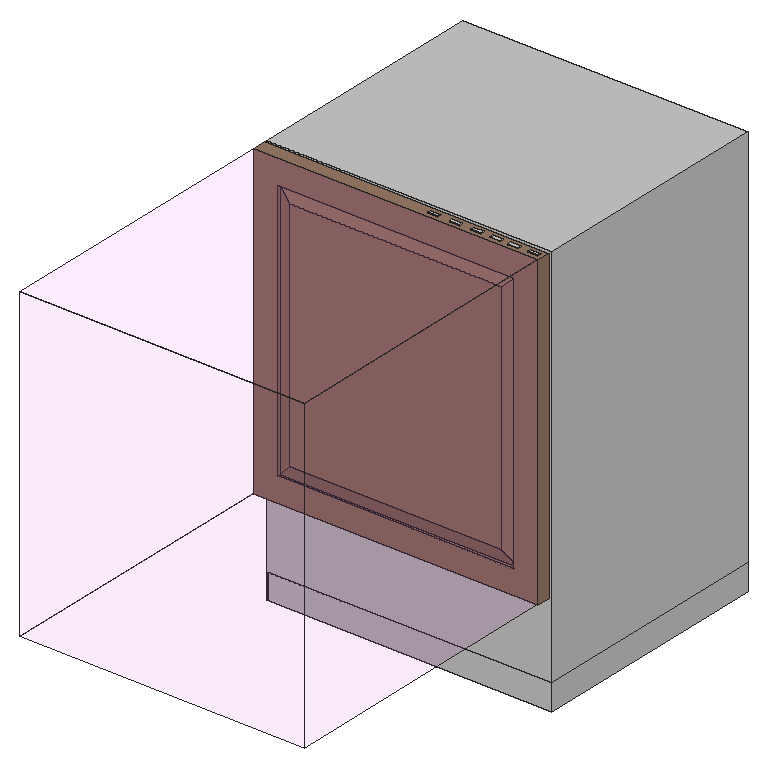
Revit family "QF_Summit_DW245NTADA_Dishwasher", category Specialty Equipment, Revit 2020
Family settings
  Round Connector Dimension = Use Diameter
  Part Type = Normal
  Work Plane-Based = No
  Always vertical = Yes
  Cut with Voids When Loaded = No
  Shared = No
  Room Calculation Point = No
Parameters
  Weight in Pounds = 95
  Watts = if(Phase = 3, Volts * FL Amps * 1.73, Volts * FL Amps)  # 1380 W
  Waste Water Discharge Temperature = -459.67 °F
  Volts = 115 V
  URL Cutsheet = ""
  Specification by User = ""
  Specification by Manufacturer = ""
  Show Legs [instance] = yes
  Show Door Clearance [instance] = yes
  Show Default Legs [instance] = not(Show Legs)  # no
  Serial Number = ""
  Seismic Rating = ""
  SMACNA No = ""
  Revision Code = ""
  Plumbing Remarks = ""
  Plumbing Connection Type = ""
  Phase = 1
  Number of Poles = 1
  NAFEM Spec ID Number = ""
  Model = "DW245NTADA"
  Min Ckt Ampacity = 0 A
  Max Overcurrent Protection = 0 A
  Masterspec = ""
  Manufacturer = "Summit"
  Length = 23 1/2"
  Item Number = ""
  Installed By = ""
  Indirect Waste Size = 1/2"
  Indirect Waste Flow = 0 GPM
  Indirect Waste Connection Type = ""
  Indirect Waste Connection Height = 0"
  Identify Quantity as Lot = yes
  Height [instance] = if(Show Default Legs, 32 1/8", 34")  # 34"
  HP = ""
  Furnished By = ""
  Foodservice Equipment Identifier = yes
  FL Amps = 12 A
  Electrical Remarks = ""
  Electric Connection Type = ""
  Elec Conn RI Height = 0"
  Elec Conn Connection Height = 0"
  Description = "Dishwasher"
  Depth = 21 5/8"
  Default Elevation = 0"
  Cycle = 60 Hz
  Conn Plug = ""
  Conn Conduit = yes
  Cold Water Temperature Recommended = -459.67 °F
  Cold Water Size = 1/2"
  Cold Water RI Height = 0"
  Cold Water Minimum Pressure = 0.00 psi
  Cold Water Maximum Pressure = 0.00 psi
  Cold Water Flow = 0 GPM
  Cold Water Consumption = ""
  Cold Water Connection Height = 0"
  CSI MasterFormat = ""
  Apparent Power = if(Phase = 3, Volts * FL Amps * 1.73, Volts * FL Amps)  # 1380 VA
Reference planes (in)
  plane 1 "BACK": y = 0
  plane 2: z = 0
  plane 3 "LEFT": x = 0
  plane 4 "RIGHT": x = 23.5
  plane 5 "FRONT": y = -21.625
  plane 6 "TOP": z = 34
  plane 7 "Center Y": x = 11.75
  plane 8 "Center X": y = -10.8125
  plane 9: y = -20.25
  plane 10: y = -45.75
  plane 11: z = 1.875
  plane 12: z = 2.125
  plane 13: z = 8.5
Forms (in)
  Revolve 1, solid, material "QF_Metal_Stainless_Polished", visible <- "Show Default Legs"
    sketch origin (0, -2, 0) x (1, 0, 0) y (0, 0, 1)
      loop
        line (1.73437, 0) -> (1.73437, 2.125) -> (1.1733, 2.125) -> (1.1733, 0.125) -> (1, 0.125) -> (1, 0) -> (1.73437, 0)
      axis (1.73437, 2.125) -> (1.73437, 0)
    angle from 0 to 360
  Revolve 2, solid, material "QF_Metal_Stainless_Polished", visible <- "Show Default Legs"
    sketch origin (0, -18.25, 0) x (1, 0, 0) y (0, 0, 1)
      loop
        line (1.73437, 0) -> (1.73437, 2.125) -> (1.1733, 2.125) -> (1.1733, 0.125) -> (1, 0.125) -> (1, 0) -> (1.73437, 0)
      axis (1.73437, 2.125) -> (1.73437, 0)
    angle from 0 to 360
  Revolve 3, solid, material "QF_Metal_Stainless_Polished", visible <- "Show Default Legs"
    sketch origin (17.5, -2, 0) x (-1, 0, 0) y (0, 0, -1)
      loop
        line (-4.26563, 0) -> (-5, 0) -> (-5, -0.125) -> (-4.8267, -0.125) -> (-4.8267, -2.125) -> (-4.26563, -2.125) -> (-4.26563, 0)
      axis (-4.26563, -2.125) -> (-4.26563, 0)
    angle from 0 to 360
  Revolve 4, solid, material "QF_Metal_Stainless_Polished", visible <- "Show Default Legs"
    sketch origin (17.5, -18.25, 0) x (-1, 0, 0) y (0, 0, -1)
      loop
        line (-4.26563, 0) -> (-5, 0) -> (-5, -0.125) -> (-4.8267, -0.125) -> (-4.8267, -2.125) -> (-4.26563, -2.125) -> (-4.26563, 0)
      axis (-4.26563, -2.125) -> (-4.26563, 0)
    angle from 0 to 360
  Extrusion 5, solid, material "QF_Metal_Stainless_Polished", visible <- "Show Legs"
    sketch origin (0, 0, 0) x (1, 0, 0) y (0, 1, 0)
      loop
        line (0, 0) -> (0, -20.25) -> (23.5, -20.25) -> (23.5, 0) -> (0, 0)
      loop
        line (0.0625, -20.1875) -> (23.4375, -20.1875) -> (23.4375, -0.0625) -> (0.0625, -0.0625) -> (0.0625, -20.1875)
    from 0 to 2.125
  Revolve 6, solid, material "QF_Metal_Stainless_Polished", visible <- "Show Default Legs"
    sketch origin (10.01563, -2, 0) x (1, 0, 0) y (0, 0, 1)
      loop
        line (1.73437, 0) -> (1.73437, 2.125) -> (1.1733, 2.125) -> (1.1733, 0.125) -> (1, 0.125) -> (1, 0) -> (1.73437, 0)
      axis (1.73437, 2.125) -> (1.73437, 0)
    angle from 0 to 360
  Revolve 7, solid, material "QF_Metal_Stainless_Polished", visible <- "Show Default Legs"
    sketch origin (10.01563, -18.25, 0) x (1, 0, 0) y (0, 0, 1)
      loop
        line (1.73437, 0) -> (1.73437, 2.125) -> (1.1733, 2.125) -> (1.1733, 0.125) -> (1, 0.125) -> (1, 0) -> (1.73437, 0)
      axis (1.73437, 2.125) -> (1.73437, 0)
    angle from 0 to 360
  Revolve 8, solid, material "QF_Metal_Stainless_Polished", visible <- "Show Legs"
    sketch origin (0, -2, 0) x (1, 0, 0) y (0, 0, 1)
      loop
        line (1, 0) -> (1.73437, 0) -> (1.73437, 2.125) -> (1.1733, 2.125) -> (1.1733, 0.25) -> (1, 0.25) -> (1, 0)
      axis (1.73437, 0) -> (1.73437, 2.125)
    angle from 0 to 360
  Revolve 9, solid, material "QF_Metal_Stainless_Polished", visible <- "Show Legs"
    sketch origin (0, -18.25, 0) x (1, 0, 0) y (0, 0, 1)
      loop
        line (1, 0) -> (1.73437, 0) -> (1.73437, 2.125) -> (1.1733, 2.125) -> (1.1733, 0.25) -> (1, 0.25) -> (1, 0)
      axis (1.73437, 0) -> (1.73437, 2.125)
    angle from 0 to 360
  Revolve 10, solid, material "QF_Metal_Stainless_Polished", visible <- "Show Legs"
    sketch origin (10.01562, -2, 0) x (1, 0, 0) y (0, 0, 1)
      loop
        line (1, 0) -> (1.73437, 0) -> (1.73437, 2.125) -> (1.1733, 2.125) -> (1.1733, 0.25) -> (1, 0.25) -> (1, 0)
      axis (1.73437, 2.125) -> (1.73437, 0)
    angle from 0 to 360
  Revolve 11, solid, material "QF_Metal_Stainless_Polished", visible <- "Show Legs"
    sketch origin (10.01562, -18.25, 0) x (1, 0, 0) y (0, 0, 1)
      loop
        line (1, 0) -> (1.73437, 0) -> (1.73437, 2.125) -> (1.1733, 2.125) -> (1.1733, 0.25) -> (1, 0.25) -> (1, 0)
      axis (1.73437, 2.125) -> (1.73437, 0)
    angle from 0 to 360
  Revolve 12, solid, material "QF_Metal_Stainless_Polished", visible <- "Show Legs"
    sketch origin (20.03125, -2, 0) x (1, 0, 0) y (0, 0, 1)
      loop
        line (1, 0) -> (1.73437, 0) -> (1.73437, 2.125) -> (1.1733, 2.125) -> (1.1733, 0.25) -> (1, 0.25) -> (1, 0)
      axis (1.73437, 2.125) -> (1.73437, 0)
    angle from 0 to 360
  Revolve 13, solid, material "QF_Metal_Stainless_Polished", visible <- "Show Legs"
    sketch origin (20.03125, -18.25, 0) x (1, 0, 0) y (0, 0, 1)
      loop
        line (1, 0) -> (1.73437, 0) -> (1.73437, 2.125) -> (1.1733, 2.125) -> (1.1733, 0.25) -> (1, 0.25) -> (1, 0)
      axis (1.73437, 2.125) -> (1.73437, 0)
    angle from 0 to 360
Dimensions and locks (in)
  equal spacing: plane 3 "LEFT", plane 7 "Center Y", plane 4 "RIGHT"
  "Length": plane 3 "LEFT" to plane 4 "RIGHT"
  equal spacing: plane 5 "FRONT", plane 8 "Center X", plane 1 "BACK"
  "Depth": plane 5 "FRONT" to plane 1 "BACK"
  "Height": plane 6 "TOP" to level
  plane 9 to plane 1 "BACK" = 20 1/4"
  plane 10 to plane 1 "BACK" = 45 3/4"
  plane 6 "TOP" to plane 11 = 32 1/8"
  plane 6 "TOP" to plane 13 = 25 1/2"
  plane 12 to plane 11 = 1/4"
  plane 4 "RIGHT" to plane 3 "LEFT" = 23 1/2"
  plane 6 "TOP" to plane 12 = 31 7/8"
  Revolve 2 to Revolve 9 sketch curve to Revolve 9 sketch curve = 1 7/8" locked, 1/4" locked
  Revolve 2 to Revolve 8 sketch curve to Revolve 8 sketch curve = 1 7/8" locked, 1/4" locked
  locked: Revolve 11 sketch curve to Revolve 11 sketch curve at 0.25
  locked: Revolve 10 sketch curve to Revolve 10 sketch curve at 0.25
  locked: Revolve 13 sketch curve to Revolve 13 sketch curve at 0.25
  locked: Revolve 12 sketch curve to Revolve 12 sketch curve at 0.25
  locked: Revolve 7 to Revolve 11 sketch curve at 1.875
  locked: Revolve 7 to Revolve 10 sketch curve at 1.875
  locked: Revolve 4 to Revolve 13 sketch curve at 1.875
  locked: Revolve 13 to Revolve 12 sketch curve at 1.875
  aligned and locked: level to plane 2
  aligned and locked: plane 12 to nested 1
Automatic sketch dimensions
  Revolve 1 sketch curve to level = 0"  (x2)
  Revolve 1 sketch curve to plane 12 = 0"
  level to Revolve 1 sketch curve = 1/8"
  plane 3 "LEFT" to Revolve 1 sketch curve = 1"
  Revolve 1 sketch curve to Revolve 1 sketch curve = 0.1733"
  Revolve 1 sketch curve to Revolve 1 sketch curve = 0.56107"
  Revolve 1 sketch curve to Revolve 1 sketch curve = 0"
  Revolve 1 sketch curve to Revolve 1 sketch curve = 1/4"
  Revolve 2 sketch curve to level = 0"  (x2)
  Revolve 2 sketch curve to plane 12 = 0"
  level to Revolve 2 sketch curve = 1/8"
  plane 3 "LEFT" to Revolve 2 sketch curve = 1"
  Revolve 2 sketch curve to Revolve 2 sketch curve = 0.1733"
  Revolve 2 sketch curve to Revolve 2 sketch curve = 0.56107"
  Revolve 2 sketch curve to Revolve 2 sketch curve = 0"
  Revolve 2 sketch curve to Revolve 2 sketch curve = 1/4"
  Revolve 3 sketch curve to level = 0"  (x2)
  Revolve 3 sketch curve to plane 12 = 0"
  level to Revolve 3 sketch curve = 1/8"
  plane 4 "RIGHT" to Revolve 3 sketch curve = 1"
  Revolve 3 sketch curve to Revolve 3 sketch curve = 0.1733"
  Revolve 3 sketch curve to Revolve 3 sketch curve = 0.56107"
  Revolve 3 sketch curve to Revolve 3 sketch curve = 0"
  Revolve 3 sketch curve to Revolve 3 sketch curve = 1/4"
  Revolve 4 sketch curve to level = 0"  (x2)
  Revolve 4 sketch curve to plane 12 = 0"
  level to Revolve 4 sketch curve = 1/8"
  plane 4 "RIGHT" to Revolve 4 sketch curve = 1"
  Revolve 4 sketch curve to Revolve 4 sketch curve = 0.1733"
  Revolve 4 sketch curve to Revolve 4 sketch curve = 0.56107"
  Revolve 4 sketch curve to Revolve 4 sketch curve = 0"
  Revolve 4 sketch curve to Revolve 4 sketch curve = 1/4"
  Extrusion 5 sketch curve to plane 3 "LEFT" = 0"
  Extrusion 5 sketch curve to plane 4 "RIGHT" = 0"
  Extrusion 5 sketch curve to plane 9 = 0"
  plane 1 "BACK" to Extrusion 5 sketch curve = 0"
  plane 3 "LEFT" to Extrusion 5 sketch curve = 1/16"
  plane 4 "RIGHT" to Extrusion 5 sketch curve = 1/16"
  plane 9 to Extrusion 5 sketch curve = 1/16"
  plane 1 "BACK" to Extrusion 5 sketch curve = 1/16"
  Revolve 6 sketch curve to level = 0"  (x2)
  Revolve 6 sketch curve to plane 12 = 0"
  Revolve 6 sketch curve to plane 7 "Center Y" = 0"  (x2)
  Revolve 6 sketch curve to Revolve 6 sketch curve = 0.56107"
  Revolve 6 sketch curve to Revolve 6 sketch curve = 0.1733"
  level to Revolve 6 sketch curve = 1/8"
  Revolve 6 sketch curve to Revolve 6 sketch curve = 1/4"
  Revolve 7 sketch curve to level = 0"  (x2)
  Revolve 7 sketch curve to plane 12 = 0"
  Revolve 7 sketch curve to plane 7 "Center Y" = 0"  (x2)
  Revolve 7 sketch curve to Revolve 7 sketch curve = 0.56107"
  Revolve 7 sketch curve to Revolve 7 sketch curve = 0.1733"
  level to Revolve 7 sketch curve = 1/8"
  Revolve 7 sketch curve to Revolve 7 sketch curve = 1/4"
  Revolve 8 sketch curve to plane 12 = 0"
  Revolve 8 sketch curve to level = 0"
  plane 3 "LEFT" to Revolve 8 sketch curve = 1"
  plane 3 "LEFT" to Revolve 8 sketch curve = 1.1733"
  Revolve 8 sketch curve to Revolve 8 sketch curve = 0.56107"
  Revolve 8 sketch curve to Revolve 8 sketch curve = 0"
  Revolve 8 sketch curve to Revolve 8 sketch curve = 5/8"
  Revolve 9 sketch curve to plane 12 = 0"
  Revolve 9 sketch curve to level = 0"
  plane 3 "LEFT" to Revolve 9 sketch curve = 1"
  plane 3 "LEFT" to Revolve 9 sketch curve = 1.1733"
  Revolve 9 sketch curve to Revolve 9 sketch curve = 0.56107"
  Revolve 9 sketch curve to Revolve 9 sketch curve = 0"
  Revolve 9 sketch curve to Revolve 9 sketch curve = 5/8"
  Revolve 10 sketch curve to plane 12 = 0"
  Revolve 10 sketch curve to plane 7 "Center Y" = 0"  (x2)
  Revolve 10 sketch curve to level = 0"
  Revolve 10 sketch curve to plane 7 "Center Y" = 0.56107"
  Revolve 10 sketch curve to Revolve 10 sketch curve = 0.1733"
  Revolve 10 sketch curve to Revolve 10 sketch curve = 1 1/4"
  Revolve 11 sketch curve to plane 12 = 0"
  Revolve 11 sketch curve to plane 7 "Center Y" = 0"  (x2)
  Revolve 11 sketch curve to level = 0"
  Revolve 11 sketch curve to plane 7 "Center Y" = 0.56107"
  Revolve 11 sketch curve to Revolve 11 sketch curve = 0.1733"
  Revolve 11 sketch curve to Revolve 11 sketch curve = 1 1/4"
  Revolve 12 sketch curve to plane 12 = 0"
  Revolve 12 sketch curve to level = 0"
  plane 4 "RIGHT" to Revolve 12 sketch curve = 2 15/32"
  Revolve 12 sketch curve to Revolve 12 sketch curve = 0.1733"
  Revolve 12 sketch curve to Revolve 12 sketch curve = 0.56107"
  Revolve 12 sketch curve to Revolve 12 sketch curve = 0"
  Revolve 12 sketch curve to Revolve 12 sketch curve = 1 1/4"
  Revolve 13 sketch curve to plane 12 = 0"
  Revolve 13 sketch curve to level = 0"
  plane 4 "RIGHT" to Revolve 13 sketch curve = 2 15/32"
  Revolve 13 sketch curve to Revolve 13 sketch curve = 0.1733"
  Revolve 13 sketch curve to Revolve 13 sketch curve = 0.56107"
  Revolve 13 sketch curve to Revolve 13 sketch curve = 0"
  Revolve 13 sketch curve to Revolve 13 sketch curve = 1 1/4"
Nested families (in)
  nested 1: "DW245NTADA" at (0, 0, 0), Show Door Clearance <- "Show Door Clearance", type "DW245NTADA"
    with Show Door Clearance yes, Height 34"
Connectors (in)
  piping at (7.03371, 0.25, 5.3125), diameter 0.5, driven by "Cold Water Size"
    settings: on nested 1, index 1, connector inside diameter 24", connector length 0", flow factor 0, pipe flow 0 GPM, pressure drop 0.00 psi, fitting loss kfactor 0, connector angle 0.00°, fixture units 0, engagement length 0", angle of deflection 0.00°, flow configuration 1, flow direction 1, fitting loss method 0, system type 20, joint type 0, gender type 0, connector reference index -1, connector utility 0, adjustable connector no, is connector primary yes, connector description "Water Connection"
  piping at (8.25246, 0.25, 5.3125), diameter 0.5, driven by "Indirect Waste Size"
    settings: on nested 1, index 2, connector inside diameter 24", connector length 0", flow factor 0, pipe flow 0 GPM, pressure drop 0.00 psi, fitting loss kfactor 0, connector angle 0.00°, fixture units 0, engagement length 0", angle of deflection 0.00°, flow configuration 1, flow direction 2, fitting loss method 0, system type 16, joint type 0, gender type 0, connector reference index -1, connector utility 0, adjustable connector no, is connector primary no, connector description "Drain Connection"
  electrical at (9.25246, 0.25, 5.3125), driven by "Volts", driven by "Watts"
    settings: on nested 1, index 3, voltage 115 V, apparent load 1380 VA, apparent load phase1 0 VA, apparent load phase2 0 VA, apparent load phase3 0 VA, power factor 1, load classification "Other", number of poles 1, system type 30, power factor state 1, is connector primary yes, connector utility no, sub classification motor no, connector description "Electrical Connection"
Definition of nested family "DW245NTADA"
  Parameters (values of type "DW245NTADA")
    Weight in Pounds = 0
    Watts = if(Phase = 3, Volts * FL Amps * 1.73, Volts * FL Amps)  # 0 W
    Volts = 0 V
    URL Cutsheet = ""
    Specification by User = ""
    Specification by Manufacturer = ""
    Show Door Clearance [instance] = yes
    Serial Number = ""
    Seismic Rating = ""
    SMACNA No = ""
    Revision Code = ""
    Phase = 0
    Number of Poles = 1
    NAFEM Spec ID Number = ""
    Min Ckt Ampacity = 0 A
    Max Overcurrent Protection = 0 A
    Masterspec = ""
    Length = 23 1/2"
    Item Number = ""
    Installed By = ""
    Identify Quantity as Lot = yes
    Height [instance] = 34"
    HP = ""
    Furnished By = ""
    Foodservice Equipment Identifier = yes
    FL Amps = 0 A
    Electrical Remarks = ""
    Electric Connection Type = ""
    Elec Conn RI Height = 0"
    Elec Conn Connection Height = 0"
    Depth = 21 5/8"
    Default Elevation = 0"
    Cycle = 0 Hz
    Conn Plug = ""
    Conn Conduit = yes
    CSI MasterFormat = ""
    Apparent Power = if(Phase = 3, Volts * FL Amps * 1.73, Volts * FL Amps)  # 0 VA
  Reference planes (in)
    plane 1 "BACK": y = 0
    plane 2: z = 0
    plane 3 "LEFT": x = 0
    plane 4 "RIGHT": x = 23.5
    plane 5 "FRONT": y = -21.625
    plane 6 "TOP": z = 34
    plane 7 "Center Y": x = 11.75
    plane 8 "Center X": y = -10.8125
    plane 9: y = -20.25
    plane 10: y = -45.75
    plane 11: z = 1.875
    plane 12: z = 2.125
    plane 13: z = 8.5
  Forms (in)
    Extrusion 1, solid
      sketch origin (-8.01619, -180, 2.125) x (-1, 0, 0) y (0, -1, 0)
        loop
          line (-8.01619, -180) -> (-8.01619, -159.75) -> (-31.51619, -159.75) -> (-31.51619, -180) -> (-8.01619, -180)
      from 0 to 31.875
    Extrusion 2, solid
      sketch origin (-9.94716, -20.5, 48) x (-1, 0, 0) y (0, 0, 1)
        loop
          line (-10.44716, -14.5) -> (-32.94716, -14.5) -> (-32.94716, -39) -> (-10.44716, -39) -> (-10.44716, -14.5)
      from 0 to 0.25
    Extrusion 3, solid
      sketch origin (3.0625, 0, 1.57349) x (1, 0, 0) y (0, 0, 1)
        loop
          circle (3.97121, 3.73901) r 0.5
      from 0 to -0.25
    Extrusion 4, solid
      sketch origin (1.28125, 0, 1.57349) x (1, 0, 0) y (0, 0, 1)
        loop
          circle (6.97121, 3.73901) r 0.5
      from 0 to -0.25
    Extrusion 5, solid
      sketch origin (2.25, 0, 1.57349) x (1, 0, 0) y (0, 0, 1)
        loop
          circle (7.00246, 3.73901) r 0.34934
      from 0 to -0.25
    Extrusion 6, solid
      sketch origin (0, -22.5, 34) x (1, 0, 0) y (0, 1, 0)
        loop
          line (15.83645, 1.58403) -> (15.83645, 1.29627) -> (16.66145, 1.29627) -> (16.66145, 1.58403) -> (15.83645, 1.58403)
        loop
          line (17.60207, 1.58403) -> (17.60207, 1.29627) -> (18.42707, 1.29627) -> (18.42707, 1.58403) -> (17.60207, 1.58403)
        loop
          line (19.1802, 1.58403) -> (19.1802, 1.29627) -> (20.0052, 1.29627) -> (20.0052, 1.58403) -> (19.1802, 1.58403)
        loop
          line (20.66457, 1.58403) -> (20.66457, 1.29627) -> (21.48957, 1.29627) -> (21.48957, 1.58403) -> (20.66457, 1.58403)
        loop
          line (22.28957, 1.58403) -> (22.28957, 1.29627) -> (23.11457, 1.29627) -> (23.11457, 1.58403) -> (22.28957, 1.58403)
        loop
          line (14.07082, 1.58403) -> (14.07082, 1.29627) -> (14.89582, 1.29627) -> (14.89582, 1.58403) -> (14.07082, 1.58403)
      from 0 to 0.05469
    Extrusion 7, solid, visible <- "Show Door Clearance"
      sketch origin (-8.01619, -180, 5.875) x (-1, 0, 0) y (0, -1, 0)
        loop
          line (-8.01619, -158.375) -> (-8.01619, -134.25) -> (-31.51619, -134.25) -> (-31.51619, -158.375) -> (-8.01619, -158.375)
      from 2.625 to 28.125
    Extrusion 8, solid
      sketch origin (23.625, -21.5, 6.375) x (-1, 0, 0) y (0, 0, 1)
        loop
          line (23.625, 27.625) -> (0.125, 27.625) -> (0.125, 2.125) -> (23.625, 2.125) -> (23.625, 27.625)
        loop
          line (21.625, 4.125) -> (21.625, 25.625) -> (2.125, 25.625) -> (2.125, 4.125) -> (21.625, 4.125)
      from 1 to -0.125
    Blend 9, solid
      base sketch origin (23.625, -21.375, 6.375) x (1, 0, 0) y (0, 0, 1)
        loop
          line (-21.625, 25.625) -> (-21.625, 4.125) -> (-2.125, 4.125) -> (-2.125, 25.625) -> (-21.625, 25.625)
      top sketch origin (23.625, -21.375, 6.375) x (-1, 0, 0) y (0, 0, 1)
        loop
          line (20.625, 5.125) -> (20.625, 24.625) -> (3.125, 24.625) -> (3.125, 5.125) -> (20.625, 5.125)
      from 0 to 0.25
  Lines and regions (in)
    symbolic lines
      curve 1: line (0, 0, 0) -> (0, -20.25, 0)
      curve 2: line (23.5, 0, 0) -> (0, 0, 0)
      curve 3: line (23.5, -20.25, 0) -> (23.5, 0, 0)
      curve 4: line (0, -20.25, 0) -> (23.5, -20.25, 0)
      curve 5: line (23.5, -20.5, 0) -> (0, -20.5, 0)
      curve 6: line (0, -20.5, 0) -> (0, -21.625, 0)
      curve 7: line (0, -21.625, 0) -> (23.5, -21.625, 0)
      curve 8: line (23.5, -21.625, 0) -> (23.5, -20.5, 0)
      curve 9: line (23, -20.5, 0) -> (23, -20.25, 0)
      curve 10: line (0.5, -20.25, 0) -> (0.5, -20.5, 0)
      curve 14: line (14.07082, -20.91597, 0) -> (14.89582, -20.91597, 0)
      curve 15: line (14.07082, -21.20373, 0) -> (14.07082, -20.91597, 0)
      curve 16: line (14.89582, -21.20373, 0) -> (14.07082, -21.20373, 0)
      curve 17: line (14.89582, -20.91597, 0) -> (14.89582, -21.20373, 0)
      curve 18: line (15.83645, -20.91597, 0) -> (16.66145, -20.91597, 0)
      curve 19: line (15.83645, -21.20373, 0) -> (15.83645, -20.91597, 0)
      curve 20: line (16.66145, -21.20373, 0) -> (15.83645, -21.20373, 0)
      curve 21: line (16.66145, -20.91597, 0) -> (16.66145, -21.20373, 0)
      curve 22: line (17.60207, -20.91597, 0) -> (18.42707, -20.91597, 0)
      curve 23: line (17.60207, -21.20373, 0) -> (17.60207, -20.91597, 0)
      curve 24: line (18.42707, -21.20373, 0) -> (17.60207, -21.20373, 0)
      curve 25: line (18.42707, -20.91597, 0) -> (18.42707, -21.20373, 0)
      curve 26: line (19.1802, -20.91597, 0) -> (20.0052, -20.91597, 0)
      curve 27: line (19.1802, -21.20373, 0) -> (19.1802, -20.91597, 0)
      curve 28: line (20.0052, -21.20373, 0) -> (19.1802, -21.20373, 0)
      curve 29: line (20.0052, -20.91597, 0) -> (20.0052, -21.20373, 0)
      curve 30: line (20.66457, -20.91597, 0) -> (21.48957, -20.91597, 0)
      curve 31: line (20.66457, -21.20373, 0) -> (20.66457, -20.91597, 0)
      curve 32: line (21.48957, -21.20373, 0) -> (20.66457, -21.20373, 0)
      curve 33: line (21.48957, -20.91597, 0) -> (21.48957, -21.20373, 0)
      curve 34: line (22.28957, -20.91597, 0) -> (23.11457, -20.91597, 0)
      curve 35: line (22.28957, -21.20373, 0) -> (22.28957, -20.91597, 0)
      curve 36: line (23.11457, -21.20373, 0) -> (22.28957, -21.20373, 0)
      curve 37: line (23.11457, -20.91597, 0) -> (23.11457, -21.20373, 0)
    symbolic lines, visible <- "Show Door Clearance"
      curve 11: line (0, -21.625, 0) -> (0, -45.75, 0)
      curve 12: line (23.5, -45.75, 0) -> (23.5, -21.625, 0)
      curve 13: line (0, -45.75, 0) -> (23.5, -45.75, 0)
  Dimensions and locks (in)
    equal spacing: plane 3 "LEFT", plane 7 "Center Y", plane 4 "RIGHT"
    "Length": plane 3 "LEFT" to plane 4 "RIGHT"
    equal spacing: plane 5 "FRONT", plane 8 "Center X", plane 1 "BACK"
    "Depth": plane 5 "FRONT" to plane 1 "BACK"
    "Height": plane 6 "TOP" to level
    plane 9 to plane 1 "BACK" = 20 1/4"
    plane 10 to plane 1 "BACK" = 45 3/4"
    plane 6 "TOP" to plane 11 = 32 1/8"
    plane 12 to plane 11 = 1/4"
    plane 4 "RIGHT" to plane 3 "LEFT" = 23 1/2"
    plane 6 "TOP" to plane 13 = 25 1/2"
    plane 6 "TOP" to plane 12 = 31 7/8"
    aligned and locked: level to plane 2
  Automatic sketch dimensions
    plane 1 "BACK" to Extrusion 1 sketch curve = 0"
    Extrusion 1 sketch curve to plane 4 "RIGHT" = 0"
    Extrusion 1 sketch curve to plane 3 "LEFT" = 0"
    Extrusion 1 sketch curve to plane 9 = 0"
    plane 12 to Extrusion 3 sketch curve = 3 3/16"
    plane 3 "LEFT" to Extrusion 3 sketch curve = 7.03371"
    Extrusion 4 sketch curve to plane 7 "Center Y" = 3.49754"
    plane 12 to Extrusion 4 sketch curve = 3 3/16"
    Extrusion 5 sketch curve to plane 7 "Center Y" = 2.49754"
    plane 12 to Extrusion 5 sketch curve = 3 3/16"
    Extrusion 6 sketch curve to plane 9 = 0.66597"
    plane 7 "Center Y" to Extrusion 6 sketch curve = 2.32082"
    Extrusion 6 sketch curve to Extrusion 6 sketch curve = 0.825"  (x5)
    Extrusion 6 sketch curve to plane 5 "FRONT" = 0.42127"  (x5)
    Extrusion 6 sketch curve to Extrusion 6 sketch curve = 0.94063"  (x2)
    Extrusion 6 sketch curve to Extrusion 6 sketch curve = 0.75313"
    Extrusion 6 sketch curve to Extrusion 6 sketch curve = 0.65938"
    Extrusion 6 sketch curve to Extrusion 6 sketch curve = 0.8"
    plane 4 "RIGHT" to Extrusion 6 sketch curve = 0.38543"
    Extrusion 6 sketch curve to Extrusion 6 sketch curve = 0.28776"  (x6)
    Extrusion 7 sketch curve to plane 4 "RIGHT" = 0"
    Extrusion 7 sketch curve to plane 3 "LEFT" = 0"
    plane 5 "FRONT" to Extrusion 7 sketch curve = 0"
    Extrusion 7 sketch curve to plane 10 = 0"
    plane 4 "RIGHT" to Extrusion 8 sketch curve = 0"
    Extrusion 8 sketch curve to plane 3 "LEFT" = 0"
    Extrusion 8 sketch curve to plane 6 "TOP" = 0"
    plane 4 "RIGHT" to Extrusion 8 sketch curve = 2"
    plane 3 "LEFT" to Extrusion 8 sketch curve = 2"
    Extrusion 8 sketch curve to plane 6 "TOP" = 2"
    plane 13 to Extrusion 8 sketch curve = 2"
    Extrusion 8 sketch curve to plane 13 = 0"
    plane 13 to Blend 9 sketch curve = 2"
    plane 3 "LEFT" to Blend 9 sketch curve = 2"
    plane 4 "RIGHT" to Blend 9 sketch curve = 2"
    Blend 9 sketch curve to plane 6 "TOP" = 2"
    plane 4 "RIGHT" to Blend 9 sketch curve = 3"
    plane 3 "LEFT" to Blend 9 sketch curve = 3"
    plane 13 to Blend 9 sketch curve = 3"
    Blend 9 sketch curve to plane 6 "TOP" = 3"
    plane 4 "RIGHT" to Extrusion 2 sketch curve = 1/2"
    plane 3 "LEFT" to Extrusion 2 sketch curve = 1/2"
    plane 13 to Extrusion 2 sketch curve = 1/2"
    Extrusion 2 sketch curve to plane 6 "TOP" = 1/2"
    plane 1 "BACK" to curve 1 = 0"
    curve 1 to plane 3 "LEFT" = 0"
    curve 11 to plane 3 "LEFT" = 0"
    curve 10 to plane 9 = 0"
    curve 2 to plane 4 "RIGHT" = 0"
    curve 5 to plane 4 "RIGHT" = 0"
    curve 13 to plane 10 = 0"
    plane 5 "FRONT" to curve 12 = 0"
    curve 14 to plane 9 = 0.66597"
    plane 7 "Center Y" to curve 14 = 2.32082"
    curve 14 to curve 17 = 0.825"
    curve 20 to plane 5 "FRONT" = 0.42127"
    curve 16 to curve 20 = 0.94063"
    curve 18 to curve 18 = 0.825"
    curve 18 to curve 23 = 0.94063"
    curve 23 to curve 24 = 0.825"
    curve 24 to curve 27 = 0.75313"
    curve 27 to curve 28 = 0.825"
    curve 28 to curve 31 = 0.65938"
    curve 30 to curve 33 = 0.825"
    curve 32 to curve 35 = 0.8"
    plane 4 "RIGHT" to curve 34 = 0.38543"
    curve 32 to plane 5 "FRONT" = 0.42127"
    curve 24 to plane 5 "FRONT" = 0.42127"
    curve 27 to plane 5 "FRONT" = 0.42127"
    curve 35 to plane 5 "FRONT" = 0.42127"
    curve 15 to curve 14 = 0.28776"
    curve 19 to curve 18 = 0.28776"
    curve 31 to curve 30 = 0.28776"
    curve 23 to curve 22 = 0.28776"
    curve 35 to curve 34 = 0.28776"
    curve 27 to curve 26 = 0.28776"
    curve 5 to plane 9 = 1/4"
    plane 3 "LEFT" to curve 10 = 1/2"
    plane 4 "RIGHT" to curve 9 = 1/2"
    radius of Extrusion 3 sketch curve = 1/2"
    radius of Extrusion 4 sketch curve = 1/2"
    radius of Extrusion 5 sketch curve = 0.34934"
